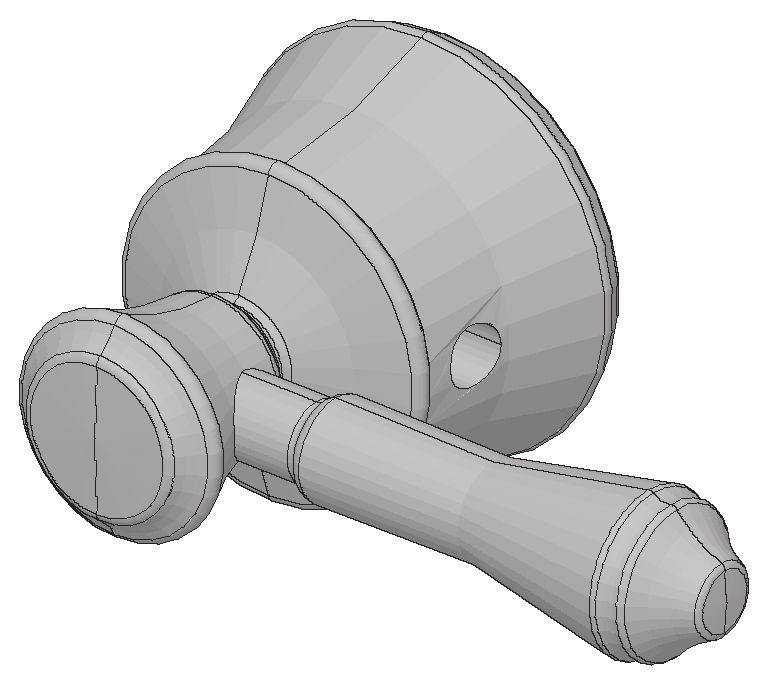
Revit family "Delta Bath Cassidy FGH797-LOTA", category Plumbing Fixtures, host Wall, Revit 2013
Parameters (values of type "Delta Bath Cassidy FGH797-LOTA")
  URL = "http://www.deltafaucet.com "
  Valve = Stainless Steel
  Model = "FGH797-LOTA"
  Manufacturer = "Delta"
Reference planes (in)
  plane 1: y = 0
  plane 2 "Center (Left/Right)": x = 0
  plane 3 "Wall Edge": y = 6
  plane 4: y = -6
  plane 5: y = -4
Forms (in)
  Revolve 1, solid, material "Stainless Steel" <- "Valve"
    sketch origin (0, -2.08649, -47.93536) x (0, 1, 0) y (0, 0, 1)
      loop
        arc (-5.32831, 69.85143) -> (-5.42167, 69.54972) -> (-5.56306, 69.2673) r 1.92667
        arc (-5.56306, 69.2673) -> (-5.58185, 69.24814) -> (-5.60718, 69.23927) r 0.05905
        line (-5.60718, 69.23927) -> (-5.63951, 69.23927)
        arc (-5.63951, 69.23927) -> (-5.65227, 69.24936) -> (-5.66049, 69.2634) r 0.04403
        arc (-5.66049, 69.2634) -> (-5.67541, 69.28546) -> (-5.69841, 69.2989) r 0.06
        arc (-5.69841, 69.2989) -> (-5.71806, 69.30963) -> (-5.73178, 69.32733) r 0.05482
        arc (-5.73178, 69.32733) -> (-5.75246, 69.35097) -> (-5.78225, 69.36092) r 0.06
        arc (-5.78225, 69.36092) -> (-6.13523, 69.42063) -> (-6.46666, 69.55591) r 1.63073
        arc (-6.46666, 69.55591) -> (-6.51645, 69.56427) -> (-6.55499, 69.53168) r 0.06
        arc (-6.55499, 69.53168) -> (-6.60238, 69.45965) -> (-6.66861, 69.40446) r 0.29404
        arc (-6.66861, 69.40446) -> (-6.68774, 69.38485) -> (-6.69616, 69.35877) r 0.06
        arc (-6.69616, 69.35877) -> (-6.70917, 69.14701) -> (-6.71351, 68.93489) r 5.18563
        line (-6.71351, 68.93489) -> (-3.91351, 68.93489) -> (-3.91351, 70.01368)
        arc (-3.91351, 70.01368) -> (-3.91738, 70.03118) -> (-3.93017, 70.04374) r 0.03153
        line (-3.93017, 70.04374) -> (-4.04683, 70.10572)
        arc (-4.04683, 70.10572) -> (-4.0796, 70.11255) -> (-4.11093, 70.10077) r 0.06
        arc (-4.11093, 70.10077) -> (-4.64131, 69.9214) -> (-5.19729, 69.85534) r 2.69835
        arc (-5.19729, 69.85534) -> (-5.21166, 69.86299) -> (-5.22235, 69.87527) r 0.04487
        arc (-5.22235, 69.87527) -> (-5.2829, 69.89699) -> (-5.32831, 69.85143) r 0.06
      axis (-3.91351, 68.93489) -> (-6.71351, 68.93489)
    angle from 0 to 360
  Revolve 2, solid, material "Stainless Steel" <- "Valve"
    sketch origin (0, -8.125, -47.93536) x (1, 0, 0) y (0, 0, 1)
      loop
        arc (3.48766, 68.94686) -> (3.48193, 69.03416) -> (3.47545, 69.1214) r 10.0877
        arc (3.47545, 69.1214) -> (3.46881, 69.14214) -> (3.45362, 69.15774) r 0.04749
        arc (3.45362, 69.15774) -> (3.2971, 69.24419) -> (3.16651, 69.36633) r 0.7249
        arc (3.16651, 69.36633) -> (3.14899, 69.37864) -> (3.12765, 69.38048) r 0.04114
        arc (3.12765, 69.38048) -> (3.06873, 69.38193) -> (3.01514, 69.40645) r 0.14675
        arc (3.01514, 69.40645) -> (2.99976, 69.41301) -> (2.98308, 69.41211) r 0.03691
        arc (2.98308, 69.41211) -> (1.99743, 69.22792) -> (0.99476, 69.23815) r 5.15198
        arc (0.99476, 69.23815) -> (0.95196, 69.22043) -> (0.91949, 69.18738) r 0.11611
        arc (0.91949, 69.18738) -> (0.8976, 69.17793) -> (0.87381, 69.17645) r 0.06936
        arc (0.87381, 69.17645) -> (0.57404, 69.16829) -> (0.27427, 69.17645) r 5.50957
        line (0.27427, 69.17645) -> (0.27427, 68.94686) -> (3.48766, 68.94686)
      axis (0.27427, 68.94686) -> (3.48766, 68.94686)
    angle from 0 to 360
  Sweep 3, void
    path origin (0.00995, 0.0846, -47.77095) x (1, 0, 0) y (0, 0, 1)
      loop
        line (1.32574, 68.91738) -> (0.32574, 68.91738)
    profile origin (0.83569, 0.0846, 21.14644) x (0, 0, -1) y (0, -1, 0)
      loop
        circle (0.13681, 7.03952) r 0.17875
  Revolve 4, solid, material "Stainless Steel" <- "Valve", not visible
    sketch origin (0, -0.08649, -47.93536) x (0, 1, 0) y (0, 0, 1)
      loop
        arc (-5.32831, 69.85143) -> (-5.42167, 69.54972) -> (-5.56306, 69.2673) r 1.92667
        arc (-5.56306, 69.2673) -> (-5.58185, 69.24814) -> (-5.60718, 69.23927) r 0.05905
        line (-5.60718, 69.23927) -> (-5.63951, 69.23927)
        arc (-5.63951, 69.23927) -> (-5.65227, 69.24936) -> (-5.66049, 69.2634) r 0.04403
        arc (-5.66049, 69.2634) -> (-5.67541, 69.28546) -> (-5.69841, 69.2989) r 0.06
        arc (-5.69841, 69.2989) -> (-5.71806, 69.30963) -> (-5.73178, 69.32733) r 0.05482
        arc (-5.73178, 69.32733) -> (-5.75246, 69.35097) -> (-5.78225, 69.36092) r 0.06
        arc (-5.78225, 69.36092) -> (-6.13523, 69.42063) -> (-6.46666, 69.55591) r 1.63073
        arc (-6.46666, 69.55591) -> (-6.51645, 69.56427) -> (-6.55499, 69.53168) r 0.06
        arc (-6.55499, 69.53168) -> (-6.60238, 69.45965) -> (-6.66861, 69.40446) r 0.29404
        arc (-6.66861, 69.40446) -> (-6.68774, 69.38485) -> (-6.69616, 69.35877) r 0.06
        arc (-6.69616, 69.35877) -> (-6.70917, 69.14701) -> (-6.71351, 68.93489) r 5.18563
        line (-6.71351, 68.93489) -> (-3.91351, 68.93489) -> (-3.91351, 70.01368)
        arc (-3.91351, 70.01368) -> (-3.91738, 70.03118) -> (-3.93017, 70.04374) r 0.03153
        line (-3.93017, 70.04374) -> (-4.04683, 70.10572)
        arc (-4.04683, 70.10572) -> (-4.0796, 70.11255) -> (-4.11093, 70.10077) r 0.06
        arc (-4.11093, 70.10077) -> (-4.64131, 69.9214) -> (-5.19729, 69.85534) r 2.69835
        arc (-5.19729, 69.85534) -> (-5.21166, 69.86299) -> (-5.22235, 69.87527) r 0.04487
        arc (-5.22235, 69.87527) -> (-5.2829, 69.89699) -> (-5.32831, 69.85143) r 0.06
      axis (-3.91351, 68.93489) -> (-6.71351, 68.93489)
    angle from 0 to 360
  Revolve 5, solid, material "Stainless Steel" <- "Valve", not visible
    sketch origin (0, -6.125, -47.93536) x (1, 0, 0) y (0, 0, 1)
      loop
        arc (3.48766, 68.94686) -> (3.48193, 69.03416) -> (3.47545, 69.1214) r 10.0877
        arc (3.47545, 69.1214) -> (3.46881, 69.14214) -> (3.45362, 69.15774) r 0.04749
        arc (3.45362, 69.15774) -> (3.2971, 69.24419) -> (3.16651, 69.36633) r 0.7249
        arc (3.16651, 69.36633) -> (3.14899, 69.37864) -> (3.12765, 69.38048) r 0.04114
        arc (3.12765, 69.38048) -> (3.06873, 69.38193) -> (3.01514, 69.40645) r 0.14675
        arc (3.01514, 69.40645) -> (2.99976, 69.41301) -> (2.98308, 69.41211) r 0.03691
        arc (2.98308, 69.41211) -> (1.99743, 69.22792) -> (0.99476, 69.23815) r 5.15198
        arc (0.99476, 69.23815) -> (0.95196, 69.22043) -> (0.91949, 69.18738) r 0.11611
        arc (0.91949, 69.18738) -> (0.8976, 69.17793) -> (0.87381, 69.17645) r 0.06936
        arc (0.87381, 69.17645) -> (0.57404, 69.16829) -> (0.27427, 69.17645) r 5.50957
        line (0.27427, 69.17645) -> (0.27427, 68.94686) -> (3.48766, 68.94686)
      axis (0.27427, 68.94686) -> (3.48766, 68.94686)
    angle from 0 to 360
  Sweep 6, void, not visible
    path origin (0.00995, 2.0846, -47.77095) x (1, 0, 0) y (0, 0, 1)
      loop
        line (1.32574, 68.91738) -> (0.32574, 68.91738)
    profile origin (0.83569, 2.0846, 21.14644) x (0, 0, -1) y (0, -1, 0)
      loop
        circle (0.13681, 7.03952) r 0.17875
Cuts and joins
  Sweep 3 cuts Revolve 1
Text (in)
  text "Placement Side" at (0, 40.15149, 123.01588), in view "Right"
  text "Placement Side" at (-70.3804, 28.46503, 0), in view "Ref. Level"
  text "Placement Side" at (0, 81.62555, 140.59947), in view "Left"
Dimensions and locks (in)
  locked: plane 3 "Wall Edge" to host wall
  aligned and locked: host wall to cut or joined group of Revolve 1, Sweep 3
